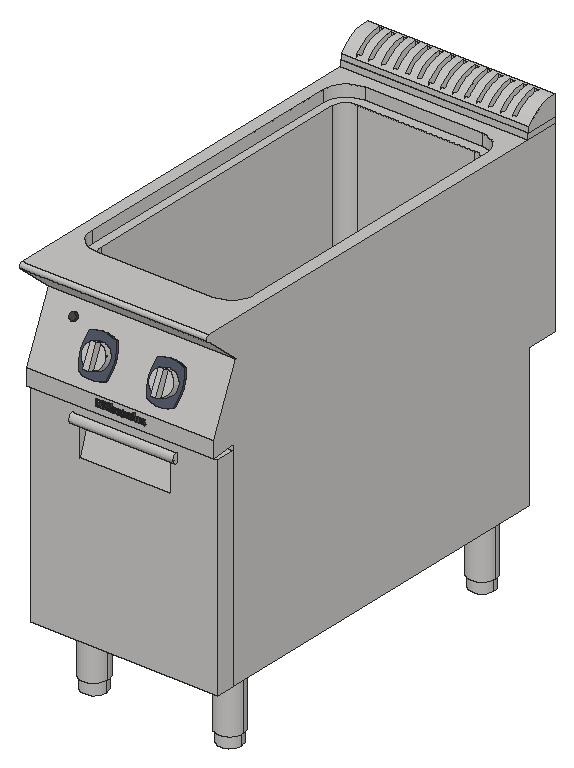
Revit family "QF_ELECTROLUXPROFESSIONAL_391273_E9PCED1MFV", category Specialty Equipment, Revit 2018 (continued)
Automatic sketch dimensions
  plane 19 to curve 8 = 8.022 mm
  plane 19 to curve 70 = 9.782 mm
  plane 19 to curve 89 = 9.782 mm
  plane 19 to curve 79 = 9.782 mm
  plane 1 "BACK" to curve 58 = 6.761 mm
  plane 19 to curve 58 = 14.412 mm
  curve 57 to curve 56 = 9.296 mm
  curve 56 to curve 54 = 16.193 mm
  curve 53 to curve 52 = 9.296 mm
  plane 1 "BACK" to curve 50 = 6.761 mm
  curve 51 to curve 50 = 16.193 mm
  curve 47 to curve 48 = 9.296 mm
  curve 46 to plane 18 = 11.905 mm
  curve 44 to plane 18 = 2.61 mm
  plane 18 to curve 42 = 13.583 mm
  plane 7 "Center Y" to curve 39 = 8.121 mm
  curve 38 to plane 7 "Center Y" = 8.071 mm
  curve 37 to curve 36 = 9.296 mm
  plane 1 "BACK" to curve 34 = 6.761 mm
  curve 35 to curve 34 = 16.193 mm
  curve 33 to curve 32 = 9.296 mm
  plane 1 "BACK" to curve 30 = 6.761 mm
  curve 31 to curve 30 = 16.193 mm
  curve 29 to curve 28 = 9.296 mm
  curve 28 to curve 26 = 16.193 mm
  curve 25 to curve 24 = 9.296 mm
  curve 24 to curve 22 = 16.193 mm
  curve 19 to curve 20 = 9.296 mm
  plane 16 to curve 7 = 3.881 mm
  curve 15 to plane 16 = 0.809 mm
  plane 1 "BACK" to curve 14 = 6.761 mm
  curve 15 to curve 14 = 16.193 mm
  curve 13 to curve 12 = 9.296 mm
  curve 7 to curve 4 = 4.082 mm
  plane 1 "BACK" to curve 62 = 6.761 mm
  plane 1 "BACK" to curve 54 = 6.761 mm
  plane 1 "BACK" to curve 15 = 6.761 mm
  plane 1 "BACK" to curve 46 = 6.761 mm
  plane 1 "BACK" to curve 19 = 6.761 mm
  plane 1 "BACK" to curve 42 = 6.761 mm
  plane 1 "BACK" to curve 23 = 6.761 mm
  plane 1 "BACK" to curve 38 = 6.761 mm
  curve 27 to curve 30 = 57.15 mm
  curve 29 to curve 33 = 0 mm
  curve 33 to curve 36 = 0 mm
  curve 26 to curve 28 = 0 mm
  curve 37 to curve 40 = 0 mm
  curve 22 to curve 24 = 0 mm
  curve 41 to curve 44 = 0 mm
  curve 18 to curve 20 = 0 mm
  curve 45 to curve 48 = 0 mm
  curve 14 to curve 16 = 0 mm
  curve 49 to curve 52 = 0 mm
  curve 53 to curve 61 = 0 mm
  curve 61 to curve 64 = 0 mm
  curve 53 to curve 56 = 0 mm
  curve 12 to curve 9 = 7.979 mm
  curve 69 to plane 12 = 24.11 mm
  curve 86 to curve 68 = 0 mm
  curve 89 to plane 8 "Center X" = 141.643 mm
  curve 7 to curve 5 = 57 mm
  plane 16 to Extrusion 2 sketch curve = 20 mm
  plane 13 to Extrusion 2 sketch curve = 20 mm
  curve 68 to curve 82 = 0 mm  (x2)
  plane 16 to curve 68 = 20 mm
  plane 16 to curve 79 = 20 mm
  plane 16 to curve 83 = 20 mm
  plane 16 to curve 86 = 10 mm
  plane 16 to curve 18 = 8.487 mm
  plane 16 to Extrusion 13 sketch curve = 8.487 mm
  Extrusion 13 sketch curve to Extrusion 13 sketch curve = 17.193 mm
  plane 16 to Extrusion 15 sketch curve = 20 mm
  plane 16 to Extrusion 16 sketch curve = 20 mm  (x2)
  plane 16 to Extrusion 20 sketch curve = 49.333 mm
  Extrusion 20 sketch curve to Extrusion 20 sketch curve = 28.575 mm
  plane 16 to Extrusion 26 sketch curve = 10 mm
  radius of Extrusion 17 sketch curve = 12.7 mm
  radius of Extrusion 19 sketch curve = 9.525 mm
  radius of Extrusion 21 sketch curve = 25.4 mm
  radius of Extrusion 22 sketch curve to Extrusion 21 = 0 mm  (x2)
  radius of Extrusion 24 sketch curve = 25.4 mm
  radius of Extrusion 25 sketch curve to Extrusion 24 = 0 mm  (x2)
  radius of Extrusion 26 sketch curve = 7.5 mm
  radius of Extrusion 18 sketch curve = 6.35 mm
Connectors
  piping at (232, -780, 176), diameter 25.4
    settings: on Extrusion 17, index 1, connector inside diameter 1", connector length 0 mm, flow factor 0, pipe flow 0 GPM, pressure drop 0.00 psi, fitting loss kfactor 0, connector angle 0.00°, fixture units 0, engagement length 0 mm, angle of deflection 0.00°, flow configuration 1, flow direction 2, fitting loss method 0, system type 16, joint type 0, gender type 0, connector reference index -1, connector utility 0, adjustable connector no, is connector primary yes, connector description "DRAIN"
  piping at (335, -700, 200), diameter 19
    settings: on Extrusion 19, index 3, connector inside diameter 0.74803", connector length 0 mm, flow factor 0, pipe flow 0 GPM, pressure drop 0.00 psi, fitting loss kfactor 0, connector angle 0.00°, fixture units 0, engagement length 0 mm, angle of deflection 0.00°, flow configuration 1, flow direction 1, fitting loss method 0, system type 20, joint type 0, gender type 0, connector reference index -1, connector utility 0, adjustable connector no, is connector primary no, connector description "WATER INLET"
  electrical at (240, -570, 140)
    settings: on Extrusion 18, index 4, voltage 0 V, apparent load 0 VA, apparent load phase1 0 VA, apparent load phase2 0 VA, apparent load phase3 0 VA, power factor 1, load classification "Other", number of poles 1, system type 30, power factor state 1, is connector primary yes, connector utility no, sub classification motor no, connector description ""
